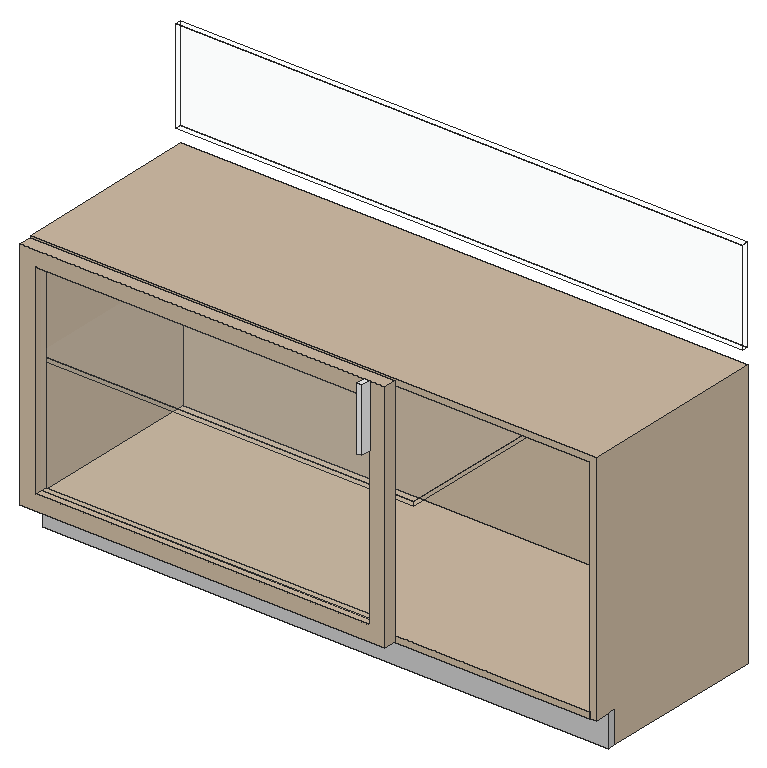
Revit family "Kitchen_Cabinet", category Casework, Revit 2021 (continued)
Definition of nested family "45 Degree Shelve"
  Cuts and joins
    Extrusion 2 cuts Extrusion 1
  Dimensions and locks
    "45 Degree Shelve Depth": Extrusion 1 sketch curve to Extrusion 1 sketch curve  (x2)
    equal spacing: Extrusion 1 sketch curve, plane 3 "Center (Left/Right)", Extrusion 1 sketch curve
    "45 Degree Shelve Width": Extrusion 1 sketch curve to Extrusion 1 sketch curve
    "45 Degree Shelve Front Offset": plane 1 "Center (Front/Back)" to Extrusion 2 sketch curve
    locked: Extrusion 2 sketch curve to plane 1 "Center (Front/Back)" at 10
    "Divider Depth": Extrusion 3 sketch curve to Extrusion 3 sketch curve
    "Divider Thickness": Extrusion 3 sketch curve to Extrusion 3 sketch curve
    "Divider Bottom Offset": plane 4 to level
    "Divider Height": Extrusion 3 to Extrusion 3
    "Shelve Width": Extrusion 4 sketch curve to Extrusion 4 sketch curve
    "Shelve Depth": Extrusion 4 sketch curve to Extrusion 4 sketch curve
    "Shelve Thickness": Extrusion 4 to Extrusion 4
    locked: Extrusion 1 sketch curve to Extrusion 1 sketch curve (angle 90.00°)  (x2)
    aligned and locked: Extrusion 1 sketch curve to plane 1 "Center (Front/Back)"
    aligned and locked: cut or joined group of Extrusion 1, Extrusion 2 to level  (x2)
    aligned and locked: cut or joined group of Extrusion 1, Extrusion 2 to cut or joined group of Extrusion 1, Extrusion 2
    aligned and locked: Extrusion 2 sketch curve to cut or joined group of Extrusion 1, Extrusion 2  (x2)
    aligned and locked: Extrusion 3 sketch curve to plane 3 "Center (Left/Right)"
    aligned and locked: Extrusion 3 sketch curve to plane 1 "Center (Front/Back)"
    aligned and locked: level to plane 2
    aligned and locked: Extrusion 4 sketch curve to plane 1 "Center (Front/Back)"
    aligned and locked: Extrusion 4 to level
    aligned and locked: Extrusion 4 sketch curve to plane 3 "Center (Left/Right)"
  Automatic sketch dimensions
    Extrusion 1 sketch curve to plane 3 "Center (Left/Right)" = 0 mm
Types (41, lengths in mm): name | XXXDouble Swing Panel Glass Vis | Wall unit height calc | Void Side Offset For Corner Unit Back | Void Side Offset For Corner Unit | Symbol Lines Panel Height Calc | Width Half | Width | KickPlate Right Side Offset Calc | KickPlate Left Side Offset Calc | Draw Handle VisCalc | Depth Top Calc | Corner Unit Top 45 Degree Visibility | Corner Unit Shelve VisCalc | Corner Unit 45 Degree Side Depth For KickPlateCalc | Corner Unit 45 Degree Shelve Depth Calc | Corner Unit 45 Degree Depth Calc | Bottom Base VisCalc | BackSplash VisCalc | Top VisCalc | Symbol Lines 2D Plan Sliding Door | Symbol Lines 2D Elevation HS RIGHT | Symbol Lines 2D Elevation HS LEFT | Symbol Lines 2D Plan RIGHT | Symbol Lines 2D Plan LEFT | Shell VisCalc | Height | Fix Panel Top & Bottom Offset Calc | Fix Panel Geomtry Width Calc | Door Handle Visibility | Depth | Corner Unit Void Height Calc | Corner Unit Top VisCalc | Corner Unit Top Profile VisCalc | Corner Unit Panel VisCalc | Corner Unit Panel Height Calc | Sink 2 Visibility | Extractor Hood Visibility | Corner Unit Door Top Offset Calc | Corner Unit Door Handle VisCalc | Corner Unit BackSplash(45 Degrees) VisCalc | Wall Corner Unit VisCalc | XXXVoid Leg Vis Calc | Corner Unit Width Calc | Corner Unit Width | Corner Unit Door Width Calc | Corner Unit Depth Calc | Corner Unit 45 Degree Visibility | Corner Unit  Visibility | Bottom Base Height | Back Splash Visibility | Corner Unit Back Splash VisCalc | Symbol Lines From Hinge Side | Symbol Lines Drawers VisCalc | Cooker Middle Burner VisCalc | Cooker Burner Front & Back Offset Calc | Cooker Burner Front & Back Offset | Cooker Burner Sides Offset | Cooker Burner Side Offset Calc | Cooker Width | Cooker Width Half Calc | Cooker Depth Calc | Oven VisCalc | Oven Position Plan | Oven Visibility | Drainer VisCalc | Drainer Visibility | Cooker VisCalc | Cooker Calc | Cooker Visibility | Wall Unit Height | Width Calc | Void On/Off Calc | Void Height Calc | Sliding Door Profile Distance Calc | Sliding Door Offset Calc | Sliding Door Calc | Sliding Door | Sink Calc | Sink VisCalc | Sink Visibility | Side S PW O | Side S PW I | Side D PW O | Side D PW I | Shelve VisCalc | Pannel Side Calc | XXXPanel Height Calc | Panel Glass End Calc | Panel Glass VisCalc | Panel Frame Thickness Bottom Calc | Panel Frame Visibility | Panel Between | Middle Vis | Just Drawers VisCalc | Just Drawers | Hinge Position Right Calc | Hinge Position Left Calc | Hinge Position IO Calc | Top Profile VisCalc | Drawers Calc | Draw Width Calc | Draw Side Distance Calc | XXXDraw Depth Position Calc | Draw Count | Double Swing VisCalc | Double Swing | Doors VisCalc | Doors Visibility | XXXDoor Top Offset Calc | Door Handle Right VisCalc | Door Handle Height | Door Handle Offset From Top | Door Handle Left VisCalc | Door Handle VisCalc | XXXDoor Bottom Offset Calc | Divider A Left Calc | XXXDepth Shelves & Divider Depth Calc | Bottom Base Height Calc | Adiitional Drawers VisCalc | XXXAdiitional Drawers Height Min Calc | Additonal Draw Handle VisCalc | Additional Drawers Count | XXXAdiitional Drawers Height Position Calc BOTTOM | Additional Drawers Height Calc | Shelves Width Calc | Shelves Count | Depth Inner Side Calc | XXXLeft Divider Height Calc 2 | XXXLeft Divider Height Calc | A Left Divider Height | A Left Divider Distance | Sink Depth | Sink Depth Calc | Sink Radius Max Calc | Sink 2 Calc | Sink 2 VisCalc | Sink 2 Depth Calc | Sink 2 Depth | Sink Drainer Left Length Calc | Sink Drainaer VisCalc | CornerUnit Shelve Widh Calc | XXXDrawers Height Position Calc Top RETURN | XXXDrawers Height Min Calc RETURN | XXXDrawers Count Calc 2 | XXXDrawers Count Calc 1 | XXXDrawers Height Bottom Position Calc | XXXDrawers Height Calc | XXXHeight Calc | XXXDrawers Height Calc. | XXXHeight Calc PB & PNB | XXXKickplate VisCalc | XXXCorner Unit Kickplate VisCalc | XXX 45 Degree Corner Unit Shelve Width
  Corner Unit 7 | no | 0 | 1200 | 600 | 745 | 900 | 1800 | 0 | 0 | no | 630 | no | yes | 530 | 590 | 610 | yes | yes | no | no | no | no | no | no | yes | 900 | 0 | 642 | yes | 600 | 650 | yes | yes | yes | 750 | no | no | 0 | yes | no | no | 100 | 600 | 600 | 555 | 600 | no | yes | 100 | yes | yes | yes | no | no | 99 | 0 | 0 | 99 | 500 | 250 | 500 | 500 | 41 | no | no | no | no | 500 | no | 0 | 1760 | 0 | 645 | 0 | 0 | no | no | 500 | no | no | 1800 | 1750 | 897.5 | 872.5 | yes | 1160 | 745 | 695 | yes | 50 | yes | no | yes | no | no | 0 | 0 | 340 | no | no | 1800 | 0 | 340 | 0 | no | no | yes | yes | 5 | no | 200 | 0 | yes | yes | 0 | no | 575 | 100 | no | 745 | no | 0 | 0 | 745 | 1200 | 1 | 560 | 100 | 100 | 0 | 0 | 450 | 450 | 195 | 500 | no | 450 | 450 | 30 | 500 | 580 | 0 | 179 | 1 | 2 | 750 | 179 | 850 | 179 | 750 | yes | yes | 1840
  Corner Unit 6 | no | 0 | 1200 | 600 | 745 | 725 | 1450 | 0 | 0 | no | 630 | no | yes | 530 | 590 | 610 | yes | yes | no | no | no | no | no | no | yes | 900 | 0 | 642 | yes | 600 | 650 | yes | yes | yes | 750 | no | no | 0 | yes | no | no | 100 | 600 | 600 | 555 | 600 | no | yes | 100 | yes | yes | yes | no | no | 99 | 0 | 0 | 99 | 500 | 250 | 500 | 500 | 41 | no | no | no | no | 500 | no | 0 | 1410 | 0 | 645 | 0 | 0 | no | no | 500 | no | no | 1450 | 1400 | 722.5 | 697.5 | yes | 810 | 745 | 695 | yes | 50 | yes | no | yes | no | no | 0 | 0 | 340 | no | no | 1450 | 0 | 340 | 0 | no | no | yes | yes | 5 | no | 200 | 0 | yes | yes | 0 | no | 575 | 100 | no | 745 | no | 0 | 0 | 745 | 1200 | 1 | 560 | 100 | 100 | 0 | 0 | 450 | 450 | 195 | 500 | no | 450 | 450 | 30 | 500 | 580 | 0 | 179 | 1 | 2 | 750 | 179 | 850 | 179 | 750 | yes | yes | 1490
  Double Floor Unit 5 | yes | 0 | 1200 | 600 | 745 | 700 | 1400 | 0 | 0 | no | 630 | no | no | 530 | 590 | 610 | yes | yes | yes | no | yes | yes | yes | yes | yes | 900 | 0 | 704.5 | yes | 600 | 650 | no | no | no | 750 | no | no | 0 | no | no | no | 100 | 600 | 600 | 555 | 700 | no | no | 100 | yes | no | yes | no | no | 99 | 0 | 0 | 99 | 500 | 250 | 500 | 500 | 41 | no | no | no | no | 500 | no | 0 | 1360 | 0 | 645 | 0 | 0 | no | no | 500 | no | no | 1400 | 1350 | 697.5 | 672.5 | yes | 697.5 | 745 | 695 | yes | 50 | yes | no | yes | no | no | 0 | 0 | 340 | yes | no | 1400 | 0 | 340 | 0 | yes | yes | yes | yes | 5 | yes | 200 | 0 | yes | yes | 0 | yes | 575 | 100 | no | 745 | no | 0 | 0 | 745 | 1200 | 1 | 560 | 710 | 710 | 1000 | 600 | 450 | 450 | 195 | 500 | no | 450 | 450 | 30 | 500 | 580 | 0 | 179 | 1 | 2 | 750 | 179 | 850 | 179 | 750 | yes | no | 1440
  Sink 2 | no | 0 | 1200 | 600 | 700 | 700 | 1400 | 0 | 0 | no | 630 | no | no | 530 | 590 | 610 | yes | yes | yes | yes | no | no | no | no | yes | 900 | 20 | 2 | no | 600 | 600 | no | no | no | 700 | yes | no | 25 | no | no | no | 100 | 600 | 600 | 570 | 700 | no | no | 100 | yes | no | yes | no | no | 99 | 0 | 0 | 99 | 500 | 250 | 500 | 500 | 0 | no | yes | yes | no | 500 | no | 0 | 1360 | 40 | 600 | 5 | 41 | yes | yes | 0 | yes | yes | 1400 | 1350 | 697.5 | 680 | yes | 705 | 700 | 675 | no | 75 | no | yes | yes | no | no | 20 | 20 | 300 | yes | no | 1350 | 25 | 300 | 0 | yes | yes | yes | yes | 25 | no | 200 | 0 | no | no | 25 | no | 490 | 100 | no | 700 | no | 0 | 25 | 700 | 1200 | 1 | 560 | 100 | 100 | 0 | 0 | 450 | 450 | 195 | 0 | yes | 450 | 450 | 330 | 0 | 665 | 0 | 184 | 1 | 2 | 25 | 184 | 850 | 184 | 710 | yes | no | 1440
  Corner Unit 5 | no | 0 | 1200 | 600 | 745 | 900 | 1800 | 0 | 0 | no | 630 | no | yes | 530 | 590 | 610 | yes | yes | no | no | no | no | no | no | yes | 900 | 0 | 642 | yes | 600 | 650 | yes | yes | yes | 750 | no | no | 0 | yes | no | no | 100 | 600 | 600 | 555 | 600 | no | yes | 100 | yes | yes | yes | no | no | 99 | 0 | 0 | 99 | 500 | 250 | 500 | 500 | 41 | no | no | no | no | 500 | no | 0 | 1760 | 0 | 645 | 0 | 0 | no | no | 500 | no | no | 1800 | 1750 | 897.5 | 872.5 | yes | 1160 | 745 | 695 | yes | 50 | yes | no | yes | no | no | 0 | 0 | 340 | no | no | 1800 | 0 | 340 | 0 | no | no | yes | yes | 5 | no | 200 | 0 | yes | yes | 0 | no | 575 | 100 | no | 745 | no | 0 | 0 | 745 | 1200 | 1 | 560 | 100 | 100 | 0 | 0 | 450 | 450 | 195 | 500 | no | 450 | 450 | 30 | 500 | 580 | 0 | 179 | 1 | 2 | 750 | 179 | 850 | 179 | 750 | yes | yes | 1840
  Double Floor Unit 4 | yes | 0 | 1200 | 600 | 745 | 500 | 1000 | 0 | 0 | no | 630 | no | no | 530 | 590 | 610 | yes | yes | yes | no | yes | yes | yes | yes | yes | 900 | 0 | 504.5 | yes | 600 | 650 | no | no | no | 750 | no | no | 0 | no | no | no | 100 | 600 | 600 | 555 | 500 | no | no | 100 | yes | no | yes | no | no | 99 | 0 | 0 | 99 | 500 | 250 | 500 | 500 | 41 | no | no | no | no | 500 | no | 0 | 960 | 0 | 645 | 0 | 0 | no | no | 500 | no | no | 1000 | 950 | 497.5 | 472.5 | yes | 497.5 | 745 | 695 | yes | 50 | yes | no | yes | no | no | 0 | 0 | 340 | yes | no | 1000 | 0 | 340 | 0 | yes | yes | yes | yes | 5 | yes | 200 | 0 | yes | yes | 0 | yes | 575 | 100 | no | 745 | no | 0 | 0 | 745 | 960 | 1 | 560 | 710 | 710 | 1000 | 600 | 450 | 450 | 195 | 500 | no | 450 | 450 | 30 | 500 | 580 | 0 | 179 | 1 | 2 | 750 | 179 | 850 | 179 | 750 | yes | no | 1040
  Double Floor Unit 3 501 | yes | 0 | 1000 | 500 | 745 | 450 | 900 | 0 | 0 | no | 530 | no | no | 430 | 490 | 510 | yes | yes | yes | no | yes | yes | yes | yes | yes | 900 | 0 | 454.5 | yes | 500 | 650 | no | no | no | 750 | no | no | 0 | no | no | no | 100 | 600 | 600 | 555 | 450 | no | no | 100 | yes | no | yes | no | no | 99 | 0 | 0 | 99 | 500 | 250 | 400 | 500 | 41 | no | no | no | no | 500 | no | 0 | 860 | 0 | 645 | 0 | 0 | no | no | 500 | no | no | 900 | 850 | 447.5 | 422.5 | yes | 447.5 | 745 | 695 | yes | 50 | yes | no | yes | no | no | 0 | 0 | 290 | yes | no | 900 | 0 | 290 | 0 | yes | yes | yes | yes | 5 | yes | 200 | 0 | yes | yes | 0 | yes | 475 | 100 | no | 745 | no | 0 | 0 | 745 | 860 | 1 | 460 | 710 | 710 | 1000 | 600 | 450 | 450 | 195 | 500 | no | 450 | 450 | 30 | 500 | 580 | 0 | 179 | 1 | 2 | 750 | 179 | 850 | 179 | 750 | yes | no | 940
  Corner Unit 4 | no | 0 | 1200 | 600 | 745 | 675 | 1350 | 0 | 0 | no | 630 | no | yes | 530 | 590 | 610 | yes | yes | no | no | no | no | no | no | yes | 900 | 0 | 642 | yes | 600 | 650 | yes | yes | yes | 750 | no | no | 0 | yes | no | no | 100 | 900 | 900 | 855 | 600 | no | yes | 100 | yes | yes | yes | no | no | 99 | 0 | 0 | 99 | 500 | 250 | 500 | 500 | 41 | no | no | no | no | 500 | no | 0 | 1310 | 0 | 645 | 0 | 0 | no | no | 500 | no | no | 1350 | 1300 | 672.5 | 647.5 | yes | 710 | 745 | 695 | yes | 50 | yes | no | yes | no | no | 0 | 0 | 340 | no | no | 1350 | 0 | 340 | 0 | no | no | yes | yes | 5 | no | 200 | 0 | yes | yes | 0 | no | 575 | 100 | no | 745 | no | 0 | 0 | 745 | 1200 | 1 | 560 | 100 | 100 | 0 | 0 | 450 | 450 | 195 | 500 | no | 450 | 450 | 30 | 500 | 880 | 0 | 179 | 1 | 2 | 750 | 179 | 850 | 179 | 750 | yes | yes | 1390
  Fridge 4 | no | 0 | 1200 | 600 | 2245 | 500 | 1000 | 0 | 0 | no | 630 | no | no | 530 | 590 | 610 | yes | no | yes | no | no | yes | no | yes | yes | 2400 | 0 | 2 | yes | 600 | 2150 | no | no | no | 2250 | no | no | 0 | no | no | no | 100 | 600 | 600 | 555 | 500 | no | no | 100 | no | no | yes | no | no | 99 | 0 | 0 | 99 | 500 | 250 | 500 | 500 | 41 | no | no | no | no | 500 | no | 0 | 960 | 40 | 2145 | 0 | 0 | no | no | 500 | no | no | 1000 | 950 | 497.5 | 472.5 | yes | 1000 | 2245 | 2195 | no | 50 | no | no | yes | no | no | 0 | 0 | 340 | yes | no | 1000 | 0 | 340 | 0 | no | no | yes | yes | 5 | no | 600 | 0 | yes | yes | 0 | no | 575 | 100 | no | 2245 | no | 0 | 0 | 2245 | 960 | 1 | 560 | 100 | 100 | 0 | 0 | 450 | 450 | 195 | 500 | no | 450 | 450 | 30 | 500 | 580 | 0 | 179 | 1 | 2 | 2250 | 179 | 2350 | 179 | 2250 | yes | no | 1040
  Double Floor Unit 701 | no | 0 | 1200 | 600 | 745 | 300 | 600 | 0 | 0 | no | 630 | no | no | 530 | 590 | 610 | yes | yes | yes | no | no | yes | no | yes | yes | 900 | 0 | 2 | yes | 600 | 650 | no | no | no | 750 | no | no | 0 | no | no | no | 100 | 600 | 600 | 555 | 300 | no | no | 100 | yes | no | yes | no | no | 99 | 0 | 0 | 99 | 500 | 250 | 500 | 500 | 41 | no | no | no | no | 500 | no | 0 | 560 | 0 | 645 | 0 | 0 | no | no | 500 | no | no | 600 | 550 | 297.5 | 272.5 | yes | 600 | 745 | 695 | yes | 50 | yes | no | yes | no | no | 0 | 0 | 340 | yes | no | 600 | 0 | 340 | 0 | no | no | yes | yes | 5 | no | 200 | 0 | yes | yes | 0 | yes | 575 | 100 | no | 745 | no | 0 | 0 | 745 | 560 | 1 | 560 | 710 | 710 | 1000 | 600 | 450 | 450 | 195 | 500 | no | 450 | 450 | 30 | 500 | 580 | 0 | 179 | 1 | 2 | 750 | 179 | 850 | 179 | 750 | yes | no | 640
  Double Floor Unit 3 | no | 0 | 1800 | 900 | 745 | 350 | 700 | 0 | 0 | no | 930 | no | no | 830 | 890 | 910 | yes | yes | yes | no | no | no | no | no | yes | 900 | 0 | 2 | yes | 900 | 650 | no | no | no | 750 | no | no | 0 | no | no | no | 100 | 600 | 600 | 555 | 350 | no | no | 100 | yes | no | yes | yes | no | 99 | 0 | 0 | 99 | 500 | 250 | 500 | 500 | 41 | no | no | no | no | 500 | no | 0 | 660 | 0 | 645 | 0 | 0 | no | no | 500 | no | no | 700 | 650 | 347.5 | 322.5 | yes | 700 | 745 | 695 | no | 50 | yes | no | yes | no | no | 0 | 0 | 490 | yes | no | 700 | 0 | 490 | 0 | no | no | no | yes | 5 | no | 200 | 0 | no | no | 0 | yes | 800 | 100 | yes | 745 | yes | 1 | 0 | 745 | 660 | 1 | 860 | 710 | 710 | 1000 | 600 | 450 | 450 | 195 | 500 | no | 450 | 450 | 30 | 500 | 655 | 0 | 179 | 1 | 2 | 750 | 179 | 850 | 179 | 750 | yes | no | 740
  Fridge 3 | no | 0 | 1700 | 850 | 1867 | 600 | 1200 | 0 | 0 | yes | 880 | no | no | 780 | 840 | 860 | yes | no | yes | no | yes | yes | yes | yes | yes | 2400 | 0 | 604.5 | yes | 850 | 2150 | no | no | no | 2250 | no | no | 0 | no | no | no | 100 | 600 | 600 | 555 | 600 | no | no | 100 | no | no | yes | no | no | 99 | 0 | 0 | 99 | 500 | 250 | 500 | 500 | 41 | no | no | no | no | 500 | no | 0 | 1160 | 40 | 1767 | 0 | 0 | no | no | 500 | no | no | 1200 | 1150 | 597.5 | 572.5 | yes | 597.5 | 1867 | 1817 | no | 50 | no | no | yes | no | no | 0 | 0 | 465 | yes | yes | 1200 | 0 | 465 | 2 | yes | yes | yes | yes | 383 | yes | 600 | 0 | yes | yes | 0 | no | 800 | 100 | no | 1867 | no | 0 | 0 | 1867 | 1160 | 1 | 810 | 100 | 100 | 0 | 0 | 450 | 450 | 195 | 500 | no | 450 | 450 | 30 | 500 | 605 | 186.5 | 181.5 | 2 | 2 | 1872 | 181.5 | 2350 | 363 | 2250 | yes | no | 1240
  Double Floor Unit 950 | yes | 0 | 1200 | 600 | 745 | 475 | 950 | 0 | 0 | no | 630 | no | no | 530 | 590 | 610 | yes | yes | yes | no | yes | yes | yes | yes | yes | 900 | 0 | 479.5 | yes | 600 | 650 | no | no | no | 750 | no | no | 0 | no | no | no | 100 | 600 | 600 | 555 | 475 | no | no | 100 | yes | no | yes | no | no | 99 | 0 | 0 | 99 | 500 | 250 | 500 | 500 | 41 | no | no | no | no | 500 | no | 0 | 910 | 0 | 645 | 0 | 0 | no | no | 500 | no | no | 950 | 900 | 472.5 | 447.5 | yes | 472.5 | 745 | 695 | yes | 50 | yes | no | yes | no | no | 0 | 0 | 340 | yes | no | 950 | 0 | 340 | 0 | yes | yes | yes | yes | 5 | yes | 200 | 0 | yes | yes | 0 | yes | 575 | 100 | no | 745 | no | 0 | 0 | 745 | 910 | 1 | 560 | 710 | 710 | 1000 | 600 | 450 | 450 | 195 | 500 | no | 450 | 450 | 30 | 500 | 580 | 0 | 179 | 1 | 2 | 750 | 179 | 850 | 179 | 750 | yes | no | 990
  Double Floor Unit 700 | yes | 0 | 1200 | 600 | 745 | 350 | 700 | 0 | 0 | no | 630 | no | no | 530 | 590 | 610 | yes | yes | yes | no | yes | yes | yes | yes | yes | 900 | 0 | 354.5 | yes | 600 | 650 | no | no | no | 750 | no | no | 0 | no | no | no | 100 | 600 | 600 | 555 | 350 | no | no | 100 | yes | no | yes | no | no | 99 | 0 | 0 | 99 | 500 | 250 | 500 | 500 | 41 | no | no | no | no | 500 | no | 0 | 660 | 0 | 645 | 0 | 0 | no | no | 500 | no | no | 700 | 650 | 347.5 | 322.5 | yes | 347.5 | 745 | 695 | yes | 50 | yes | no | yes | no | no | 0 | 0 | 340 | yes | no | 700 | 0 | 340 | 0 | yes | yes | yes | yes | 5 | yes | 200 | 0 | yes | yes | 0 | yes | 575 | 100 | no | 745 | no | 0 | 0 | 745 | 660 | 1 | 560 | 710 | 710 | 1000 | 600 | 450 | 450 | 195 | 500 | no | 450 | 450 | 30 | 500 | 580 | 0 | 179 | 1 | 2 | 750 | 179 | 850 | 179 | 750 | yes | no | 740
  Double Floor Unit 70 | yes | 0 | 1200 | 600 | 745 | 35 | 70 | 0 | 0 | no | 630 | no | no | 530 | 590 | 610 | yes | yes | yes | no | yes | yes | yes | yes | yes | 900 | 0 | 39.5 | yes | 600 | 650 | no | no | no | 750 | no | no | 0 | no | no | no | 100 | 600 | 600 | 555 | 35 | no | no | 100 | yes | no | yes | no | no | 99 | 0 | 0 | 99 | 500 | 250 | 500 | 500 | 41 | no | no | no | no | 500 | no | 0 | 30 | 0 | 645 | 0 | 0 | no | no | 500 | no | no | 70 | 20 | 32.5 | 7.5 | yes | 32.5 | 745 | 695 | yes | 50 | yes | no | yes | no | no | 0 | 0 | 340 | yes | no | 70 | 0 | 340 | 0 | yes | yes | yes | yes | 5 | yes | 200 | 0 | yes | yes | 0 | yes | 575 | 100 | no | 745 | no | 0 | 0 | 745 | 30 | 1 | 560 | 710 | 710 | 1000 | 600 | 450 | 450 | 195 | 500 | no | 450 | 450 | 30 | 500 | 580 | 0 | 179 | 1 | 2 | 750 | 179 | 850 | 179 | 750 | yes | no | 110
  Double Floor Unit 80 | yes | 0 | 1200 | 600 | 745 | 400 | 800 | 0 | 0 | no | 630 | no | no | 530 | 590 | 610 | yes | yes | yes | no | yes | yes | yes | yes | yes | 900 | 0 | 404.5 | yes | 600 | 650 | no | no | no | 750 | no | no | 0 | no | no | no | 100 | 600 | 600 | 555 | 400 | no | no | 100 | yes | no | yes | no | no | 99 | 0 | 0 | 99 | 500 | 250 | 500 | 500 | 41 | no | no | no | no | 500 | no | 0 | 760 | 0 | 645 | 0 | 0 | no | no | 500 | no | no | 800 | 750 | 397.5 | 372.5 | yes | 397.5 | 745 | 695 | yes | 50 | yes | no | yes | no | no | 0 | 0 | 340 | yes | no | 800 | 0 | 340 | 0 | yes | yes | yes | yes | 5 | yes | 200 | 0 | yes | yes | 0 | yes | 575 | 100 | no | 745 | no | 0 | 0 | 745 | 760 | 1 | 560 | 710 | 710 | 1000 | 600 | 450 | 450 | 195 | 500 | no | 450 | 450 | 30 | 500 | 580 | 0 | 179 | 1 | 2 | 750 | 179 | 850 | 179 | 750 | yes | no | 840
  Corner Unit 3 | no | 0 | 1200 | 600 | 745 | 750 | 1500 | 0 | 0 | no | 630 | no | yes | 530 | 590 | 610 | yes | yes | no | no | no | no | no | no | yes | 900 | 0 | 642 | yes | 600 | 650 | yes | yes | yes | 750 | no | no | 0 | yes | no | no | 100 | 600 | 600 | 555 | 600 | no | yes | 100 | yes | yes | yes | no | no | 99 | 0 | 0 | 99 | 500 | 250 | 500 | 500 | 41 | no | no | no | no | 500 | no | 0 | 1460 | 0 | 645 | 0 | 0 | no | no | 500 | no | no | 1500 | 1450 | 747.5 | 722.5 | yes | 860 | 745 | 695 | yes | 50 | yes | no | yes | no | no | 0 | 0 | 340 | no | no | 1500 | 0 | 340 | 0 | no | no | yes | yes | 5 | no | 200 | 0 | yes | yes | 0 | no | 575 | 100 | no | 745 | no | 0 | 0 | 745 | 1200 | 1 | 560 | 100 | 100 | 0 | 0 | 450 | 450 | 195 | 500 | no | 450 | 450 | 30 | 500 | 580 | 0 | 179 | 1 | 2 | 750 | 179 | 850 | 179 | 750 | yes | yes | 1540
  Double Floor Unit 3 402 | yes | 0 | 800 | 400 | 745 | 375 | 750 | 0 | 0 | no | 430 | no | no | 330 | 390 | 410 | yes | yes | yes | no | yes | yes | yes | yes | yes | 900 | 0 | 379.5 | yes | 400 | 650 | no | no | no | 750 | no | no | 0 | no | no | no | 100 | 600 | 600 | 555 | 375 | no | no | 100 | yes | no | yes | no | no | 99 | 0 | 0 | 99 | 500 | 250 | 300 | 500 | 41 | no | no | no | no | 500 | no | 0 | 710 | 0 | 645 | 0 | 0 | no | no | 500 | no | no | 750 | 700 | 372.5 | 347.5 | yes | 372.5 | 745 | 695 | yes | 50 | yes | no | yes | no | no | 0 | 0 | 240 | yes | no | 750 | 0 | 240 | 0 | yes | yes | yes | yes | 5 | yes | 200 | 0 | yes | yes | 0 | yes | 375 | 100 | no | 745 | no | 0 | 0 | 745 | 710 | 1 | 360 | 710 | 710 | 1000 | 600 | 450 | 450 | 195 | 500 | no | 450 | 450 | 30 | 500 | 580 | 0 | 179 | 1 | 2 | 750 | 179 | 850 | 179 | 750 | yes | no | 790
  Double Floor Unit 3 401 | yes | 0 | 800 | 400 | 745 | 425 | 850 | 0 | 0 | no | 430 | no | no | 330 | 390 | 410 | yes | yes | yes | no | yes | yes | yes | yes | yes | 900 | 0 | 429.5 | yes | 400 | 650 | no | no | no | 750 | no | no | 0 | no | no | no | 100 | 600 | 600 | 555 | 425 | no | no | 100 | yes | no | yes | no | no | 99 | 0 | 0 | 99 | 500 | 250 | 300 | 500 | 41 | no | no | no | no | 500 | no | 0 | 810 | 0 | 645 | 0 | 0 | no | no | 500 | no | no | 850 | 800 | 422.5 | 397.5 | yes | 422.5 | 745 | 695 | yes | 50 | yes | no | yes | no | no | 0 | 0 | 240 | yes | no | 850 | 0 | 240 | 0 | yes | yes | yes | yes | 5 | yes | 200 | 0 | yes | yes | 0 | yes | 375 | 100 | no | 745 | no | 0 | 0 | 745 | 810 | 1 | 360 | 710 | 710 | 1000 | 600 | 450 | 450 | 195 | 500 | no | 450 | 450 | 30 | 500 | 580 | 0 | 179 | 1 | 2 | 750 | 179 | 850 | 179 | 750 | yes | no | 890
  Sink d 400 | no | 0 | 800 | 400 | 700 | 700 | 1400 | 0 | 0 | no | 430 | no | no | 330 | 390 | 410 | yes | yes | yes | yes | no | no | no | no | yes | 900 | 20 | 2 | no | 400 | 600 | no | no | no | 700 | yes | no | 25 | no | no | no | 100 | 600 | 600 | 570 | 700 | no | no | 100 | yes | no | yes | no | no | 99 | 0 | 0 | 99 | 500 | 250 | 300 | 500 | 0 | no | yes | yes | no | 500 | no | 0 | 1360 | 40 | 600 | 5 | 41 | yes | yes | 0 | yes | yes | 1400 | 1350 | 697.5 | 680 | yes | 705 | 700 | 675 | no | 75 | no | yes | yes | no | no | 20 | 20 | 200 | yes | no | 1350 | 25 | 200 | 0 | yes | yes | yes | yes | 25 | no | 200 | 0 | no | no | 25 | no | 290 | 100 | no | 700 | no | 0 | 25 | 700 | 1200 | 1 | 360 | 100 | 100 | 0 | 0 | 350 | 350 | 170 | 0 | yes | 350 | 350 | 330 | 0 | 665 | 0 | 184 | 1 | 2 | 25 | 184 | 850 | 184 | 710 | yes | no | 1440
  Double Floor Unit 3 400 | yes | 0 | 800 | 400 | 745 | 500 | 1000 | 0 | 0 | no | 430 | no | no | 330 | 390 | 410 | yes | yes | yes | no | yes | yes | yes | yes | yes | 900 | 0 | 504.5 | yes | 400 | 650 | no | no | no | 750 | no | no | 0 | no | no | no | 100 | 600 | 600 | 555 | 500 | no | no | 100 | yes | no | yes | no | no | 99 | 0 | 0 | 99 | 500 | 250 | 300 | 500 | 41 | no | no | no | no | 500 | no | 0 | 960 | 0 | 645 | 0 | 0 | no | no | 500 | no | no | 1000 | 950 | 497.5 | 472.5 | yes | 497.5 | 745 | 695 | yes | 50 | yes | no | yes | no | no | 0 | 0 | 240 | yes | no | 1000 | 0 | 240 | 0 | yes | yes | yes | yes | 5 | yes | 200 | 0 | yes | yes | 0 | yes | 375 | 100 | no | 745 | no | 0 | 0 | 745 | 960 | 1 | 360 | 710 | 710 | 1000 | 600 | 450 | 450 | 195 | 500 | no | 450 | 450 | 30 | 500 | 580 | 0 | 179 | 1 | 2 | 750 | 179 | 850 | 179 | 750 | yes | no | 1040
  Corner Unit 2 | no | 0 | 1200 | 600 | 745 | 750 | 1500 | 0 | 0 | no | 630 | no | yes | 530 | 590 | 610 | yes | yes | no | no | no | no | no | no | yes | 900 | 0 | 642 | yes | 600 | 650 | yes | yes | yes | 750 | no | no | 0 | yes | no | no | 100 | 600 | 600 | 555 | 600 | no | yes | 100 | yes | yes | yes | no | no | 99 | 0 | 0 | 99 | 500 | 250 | 500 | 500 | 41 | no | no | no | no | 500 | no | 0 | 1460 | 0 | 645 | 0 | 0 | no | no | 500 | no | no | 1500 | 1450 | 747.5 | 722.5 | yes | 860 | 745 | 695 | yes | 50 | yes | no | yes | no | no | 0 | 0 | 340 | no | no | 1500 | 0 | 340 | 0 | no | no | yes | yes | 5 | no | 200 | 0 | yes | yes | 0 | no | 575 | 100 | no | 745 | no | 0 | 0 | 745 | 1200 | 1 | 560 | 100 | 100 | 0 | 0 | 450 | 450 | 195 | 500 | no | 450 | 450 | 30 | 500 | 580 | 0 | 179 | 1 | 2 | 750 | 179 | 850 | 179 | 750 | yes | yes | 1540
  Fridge 2 | no | 0 | 1300 | 650 | 1867 | 600 | 1200 | 0 | 0 | yes | 680 | no | no | 580 | 640 | 660 | yes | no | yes | no | yes | yes | yes | yes | yes | 2400 | 0 | 604.5 | yes | 650 | 2150 | no | no | no | 2250 | no | no | 0 | no | no | no | 100 | 600 | 600 | 555 | 600 | no | no | 100 | no | no | yes | no | no | 99 | 0 | 0 | 99 | 500 | 250 | 500 | 500 | 41 | no | no | no | no | 500 | no | 0 | 1160 | 40 | 1767 | 0 | 0 | no | no | 500 | no | no | 1200 | 1150 | 597.5 | 572.5 | yes | 597.5 | 1867 | 1817 | no | 50 | no | no | yes | no | no | 0 | 0 | 365 | yes | yes | 1200 | 0 | 365 | 2 | yes | yes | yes | yes | 383 | yes | 600 | 0 | yes | yes | 0 | no | 625 | 100 | no | 1867 | no | 0 | 0 | 1867 | 1160 | 1 | 610 | 100 | 100 | 0 | 0 | 450 | 450 | 195 | 500 | no | 450 | 450 | 30 | 500 | 580 | 186.5 | 181.5 | 2 | 2 | 1872 | 181.5 | 2350 | 363 | 2250 | yes | no | 1240
  Cooker 2 | no | 0 | 1200 | 600 | 556 | 600 | 1200 | 0 | 0 | yes | 630 | no | no | 530 | 590 | 610 | yes | yes | yes | no | no | no | no | no | yes | 900 | 0 | 2 | no | 600 | 650 | no | no | no | 750 | no | yes | 0 | no | no | no | 100 | 600 | 600 | 555 | 600 | no | no | 100 | yes | no | yes | no | yes | 119 | 20 | 20 | 119 | 700 | 350 | 500 | 41 | 41 | yes | no | no | yes | 0 | yes | 0 | 1160 | 40 | 456 | 0 | 0 | no | no | 500 | no | no | 1200 | 1150 | 597.5 | 572.5 | no | 1200 | 556 | 506 | no | 50 | no | no | yes | no | no | 0 | 0 | 340 | yes | yes | 1200 | 0 | 340 | 1 | no | no | no | no | 194 | no | 200 | 0 | no | no | 0 | no | 575 | 100 | no | 556 | no | 0 | 0 | 556 | 1160 | 0 | 560 | 100 | 100 | 0 | 0 | 450 | 450 | 195 | 500 | no | 450 | 450 | 30 | 500 | 580 | 0 | 179 | 1 | 2 | 561 | 179 | 850 | 179 | 750 | yes | no | 1240
  Sink d 500 | no | 0 | 1000 | 500 | 700 | 700 | 1400 | 0 | 0 | no | 530 | no | no | 430 | 490 | 510 | yes | yes | yes | yes | no | no | no | no | yes | 900 | 20 | 2 | no | 500 | 600 | no | no | no | 700 | yes | no | 25 | no | no | no | 100 | 600 | 600 | 570 | 700 | no | no | 100 | yes | no | yes | no | no | 99 | 0 | 0 | 99 | 500 | 250 | 400 | 500 | 0 | no | yes | yes | no | 500 | no | 0 | 1360 | 40 | 600 | 5 | 41 | yes | yes | 0 | yes | yes | 1400 | 1350 | 697.5 | 680 | yes | 705 | 700 | 675 | no | 75 | no | yes | yes | no | no | 20 | 20 | 250 | yes | no | 1350 | 25 | 250 | 0 | yes | yes | yes | yes | 25 | no | 200 | 0 | no | no | 25 | no | 390 | 100 | no | 700 | no | 0 | 25 | 700 | 1200 | 1 | 460 | 100 | 100 | 0 | 0 | 450 | 450 | 195 | 0 | yes | 450 | 450 | 330 | 0 | 665 | 0 | 184 | 1 | 2 | 25 | 184 | 850 | 184 | 710 | yes | no | 1440
  Double Floor Unit 3 500 | yes | 0 | 1000 | 500 | 745 | 550 | 1100 | 0 | 0 | no | 530 | no | no | 430 | 490 | 510 | yes | yes | yes | no | yes | yes | yes | yes | yes | 900 | 0 | 554.5 | yes | 500 | 650 | no | no | no | 750 | no | no | 0 | no | no | no | 100 | 600 | 600 | 555 | 550 | no | no | 100 | yes | no | yes | no | no | 99 | 0 | 0 | 99 | 500 | 250 | 400 | 500 | 41 | no | no | no | no | 500 | no | 0 | 1060 | 0 | 645 | 0 | 0 | no | no | 500 | no | no | 1100 | 1050 | 547.5 | 522.5 | yes | 547.5 | 745 | 695 | yes | 50 | yes | no | yes | no | no | 0 | 0 | 290 | yes | no | 1100 | 0 | 290 | 0 | yes | yes | yes | yes | 5 | yes | 200 | 0 | yes | yes | 0 | yes | 475 | 100 | no | 745 | no | 0 | 0 | 745 | 1060 | 1 | 460 | 710 | 710 | 1000 | 600 | 450 | 450 | 195 | 500 | no | 450 | 450 | 30 | 500 | 580 | 0 | 179 | 1 | 2 | 750 | 179 | 850 | 179 | 750 | yes | no | 1140
  Double Floor Unit 2 | yes | 0 | 1200 | 600 | 745 | 550 | 1100 | 0 | 0 | no | 630 | no | no | 530 | 590 | 610 | yes | yes | yes | no | yes | yes | yes | yes | yes | 900 | 0 | 554.5 | yes | 600 | 650 | no | no | no | 750 | no | no | 0 | no | no | no | 100 | 600 | 600 | 555 | 550 | no | no | 100 | yes | no | yes | no | no | 99 | 0 | 0 | 99 | 500 | 250 | 500 | 500 | 41 | no | no | no | no | 500 | no | 0 | 1060 | 0 | 645 | 0 | 0 | no | no | 500 | no | no | 1100 | 1050 | 547.5 | 522.5 | yes | 547.5 | 745 | 695 | yes | 50 | yes | no | yes | no | no | 0 | 0 | 340 | yes | no | 1100 | 0 | 340 | 0 | yes | yes | yes | yes | 5 | yes | 200 | 0 | yes | yes | 0 | yes | 575 | 100 | no | 745 | no | 0 | 0 | 745 | 1060 | 1 | 560 | 710 | 710 | 1000 | 600 | 450 | 450 | 195 | 500 | no | 450 | 450 | 30 | 500 | 580 | 0 | 179 | 1 | 2 | 750 | 179 | 850 | 179 | 750 | yes | no | 1140
  Wall Corner Unit 45 Degrees | no | 1498 | 600 | 300 | 845 | 300 | 600 | 37.279 | 37.279 | no | 330 | yes | no | 230 | 290 | 310 | no | no | no | no | no | yes | no | yes | no | 900 | 0 | 2 | yes | 300 | 750 | no | no | no | 850 | no | no | 0 | no | no | no | 0 | 600 | 600 | 555 | 300 | yes | no | 0 | no | no | yes | no | no | 99 | 0 | 0 | 99 | 500 | 250 | 200 | 500 | 41 | no | no | no | no | 500 | no | 1500 | 560 | 0 | 745 | 0 | 0 | no | no | 500 | no | no | 600 | 550 | 297.5 | 272.5 | no | 600 | 845 | 795 | yes | 50 | yes | no | no | no | no | 0 | 0 | 190 | yes | no | 600 | 0 | 190 | 0 | no | no | yes | yes | 5 | no | 200 | 600 | yes | yes | 0 | no | 275 | 2 | no | 843 | no | 0 | 0 | 843 | 560 | 1 | 260 | 100 | 100 | 0 | 0 | 450 | 450 | 195 | 500 | no | 450 | 450 | 30 | 500 | 580 | 0 | 179 | 1 | 2 | 850 | 179 | 850 | 179 | 848 | no | no | 640
  Corner Unit 45 Degrees | no | 0 | 1200 | 600 | 745 | 300 | 600 | 37.279 | 37.279 | no | 630 | yes | no | 530 | 590 | 610 | no | no | no | no | no | yes | no | yes | no | 900 | 0 | 2 | yes | 600 | 650 | no | no | no | 750 | no | no | 0 | no | yes | no | 100 | 600 | 600 | 555 | 300 | yes | no | 100 | yes | no | yes | no | no | 99 | 0 | 0 | 99 | 500 | 250 | 500 | 500 | 41 | no | no | no | no | 500 | no | 0 | 560 | 0 | 645 | 0 | 0 | no | no | 500 | no | no | 600 | 550 | 297.5 | 272.5 | no | 600 | 745 | 695 | yes | 50 | yes | no | no | no | no | 0 | 0 | 340 | yes | no | 600 | 0 | 340 | 0 | no | no | yes | yes | 5 | no | 200 | 0 | yes | yes | 0 | no | 575 | 100 | no | 745 | no | 0 | 0 | 745 | 560 | 1 | 560 | 100 | 100 | 0 | 0 | 450 | 450 | 195 | 500 | no | 450 | 450 | 30 | 500 | 580 | 0 | 179 | 1 | 2 | 750 | 179 | 850 | 179 | 750 | yes | no | 640
  Sink | no | 0 | 1200 | 600 | 700 | 600 | 1200 | 0 | 0 | no | 630 | no | no | 530 | 590 | 610 | yes | yes | yes | yes | no | no | no | no | yes | 900 | 20 | 2 | no | 600 | 600 | no | no | no | 700 | yes | no | 25 | no | no | no | 100 | 600 | 600 | 570 | 600 | no | no | 100 | yes | no | yes | no | no | 99 | 0 | 0 | 99 | 500 | 250 | 500 | 500 | 0 | no | yes | yes | no | 500 | no | 0 | 1160 | 40 | 600 | 5 | 41 | yes | yes | 0 | yes | yes | 1200 | 1150 | 597.5 | 580 | yes | 605 | 700 | 675 | no | 75 | no | yes | yes | no | no | 20 | 20 | 300 | yes | no | 1150 | 25 | 300 | 0 | yes | yes | yes | yes | 25 | no | 200 | 0 | no | no | 25 | no | 490 | 100 | no | 700 | no | 0 | 25 | 700 | 1160 | 1 | 560 | 100 | 100 | 0 | 0 | 450 | 450 | 195 | 0 | yes | 450 | 450 | 330 | 0 | 665 | 0 | 184 | 1 | 2 | 25 | 184 | 850 | 184 | 710 | yes | no | 1240
  Double Wall Unit | yes | 1498 | 600 | 300 | 845 | 600 | 1200 | 0 | 0 | no | 330 | no | no | 230 | 290 | 310 | yes | no | yes | no | yes | yes | yes | yes | yes | 900 | 0 | 604.5 | yes | 300 | 750 | no | no | no | 850 | no | no | 0 | no | no | no | 0 | 600 | 600 | 555 | 600 | no | no | 0 | no | no | yes | no | no | 99 | 0 | 0 | 99 | 500 | 250 | 200 | 500 | 41 | no | no | no | no | 500 | no | 1500 | 1160 | 0 | 745 | 0 | 0 | no | no | 500 | no | no | 1200 | 1150 | 597.5 | 572.5 | yes | 597.5 | 845 | 795 | yes | 50 | yes | no | yes | no | no | 0 | 0 | 190 | yes | no | 1200 | 0 | 190 | 0 | yes | yes | yes | yes | 5 | yes | 200 | 600 | yes | yes | 0 | yes | 275 | 2 | no | 843 | no | 0 | 0 | 843 | 1160 | 1 | 260 | 808 | 808 | 1000 | 600 | 450 | 450 | 195 | 500 | no | 450 | 450 | 30 | 500 | 580 | 0 | 179 | 1 | 2 | 850 | 179 | 850 | 179 | 848 | no | no | 1240
  Double Floor Unit | yes | 0 | 1200 | 600 | 745 | 600 | 1200 | 0 | 0 | no | 630 | no | no | 530 | 590 | 610 | yes | yes | yes | no | yes | yes | yes | yes | yes | 900 | 0 | 604.5 | yes | 600 | 650 | no | no | no | 750 | no | no | 0 | no | no | no | 100 | 600 | 600 | 555 | 600 | no | no | 100 | yes | no | yes | no | no | 99 | 0 | 0 | 99 | 500 | 250 | 500 | 500 | 41 | no | no | no | no | 500 | no | 0 | 1160 | 0 | 645 | 0 | 0 | no | no | 500 | no | no | 1200 | 1150 | 597.5 | 572.5 | yes | 597.5 | 745 | 695 | yes | 50 | yes | no | yes | no | no | 0 | 0 | 340 | yes | no | 1200 | 0 | 340 | 0 | yes | yes | yes | yes | 5 | yes | 200 | 0 | yes | yes | 0 | yes | 575 | 100 | no | 745 | no | 0 | 0 | 745 | 1160 | 1 | 560 | 710 | 710 | 1000 | 600 | 450 | 450 | 195 | 500 | no | 450 | 450 | 30 | 500 | 580 | 0 | 179 | 1 | 2 | 750 | 179 | 850 | 179 | 750 | yes | no | 1240
  Double Floor Drawers Unit | no | 0 | 1200 | 600 | 50 | 600 | 1200 | 0 | 0 | yes | 630 | no | no | 530 | 590 | 610 | yes | yes | yes | no | no | no | no | no | yes | 900 | 0 | 2 | no | 600 | 650 | no | no | no | 750 | no | no | 0 | no | no | no | 100 | 600 | 600 | 555 | 600 | no | no | 100 | yes | no | yes | yes | no | 99 | 0 | 0 | 99 | 500 | 250 | 500 | 500 | 41 | no | no | no | no | 500 | no | 0 | 1160 | 40 | 5 | 0 | 0 | no | no | 500 | no | no | 1200 | 1150 | 597.5 | 572.5 | no | 1200 | 2 | 55 | no | 50 | no | no | no | yes | yes | 0 | 0 | 340 | yes | yes | 1200 | 0 | 340 | 4 | no | no | no | no | 761 | no | 200 | 0 | no | no | 0 | no | 575 | 100 | no | 2 | no | 0 | 0 | 2 | 1160 | 0 | 560 | 100 | 100 | 0 | 0 | 450 | 450 | 195 | 500 | no | 450 | 450 | 30 | 500 | 580 | 187.5 | 182.5 | 4 | 4 | 0 | 182.5 | 850 | 192.5 | 750 | yes | no | 1240
  Cooker | no | 0 | 1200 | 600 | 556 | 500 | 1000 | 0 | 0 | yes | 630 | no | no | 530 | 590 | 610 | yes | yes | yes | no | no | no | no | no | yes | 900 | 0 | 2 | no | 600 | 650 | no | no | no | 750 | no | yes | 0 | no | no | no | 100 | 600 | 600 | 555 | 500 | no | no | 100 | yes | no | yes | no | yes | 119 | 20 | 20 | 119 | 700 | 350 | 500 | 41 | 41 | yes | no | no | yes | 0 | yes | 0 | 960 | 40 | 456 | 0 | 0 | no | no | 500 | no | no | 1000 | 950 | 497.5 | 472.5 | no | 1000 | 556 | 506 | no | 50 | no | no | yes | no | no | 0 | 0 | 340 | yes | yes | 1000 | 0 | 340 | 1 | no | no | no | no | 194 | no | 200 | 0 | no | no | 0 | no | 575 | 100 | no | 556 | no | 0 | 0 | 556 | 960 | 0 | 560 | 100 | 100 | 0 | 0 | 450 | 450 | 195 | 500 | no | 450 | 450 | 30 | 500 | 580 | 0 | 179 | 1 | 2 | 561 | 179 | 850 | 179 | 750 | yes | no | 1040
  Fridge | no | 0 | 1200 | 600 | 2245 | 400 | 800 | 0 | 0 | no | 630 | no | no | 530 | 590 | 610 | yes | no | yes | no | no | yes | no | yes | yes | 2400 | 0 | 2 | yes | 600 | 2150 | no | no | no | 2250 | no | no | 0 | no | no | no | 100 | 600 | 600 | 555 | 400 | no | no | 100 | no | no | yes | no | no | 99 | 0 | 0 | 99 | 500 | 250 | 500 | 500 | 41 | no | no | no | no | 500 | no | 0 | 760 | 40 | 2145 | 0 | 0 | no | no | 500 | no | no | 800 | 750 | 397.5 | 372.5 | yes | 800 | 2245 | 2195 | no | 50 | no | no | yes | no | no | 0 | 0 | 340 | yes | no | 800 | 0 | 340 | 0 | no | no | yes | yes | 5 | no | 600 | 0 | yes | yes | 0 | no | 575 | 100 | no | 2245 | no | 0 | 0 | 2245 | 760 | 1 | 560 | 100 | 100 | 0 | 0 | 450 | 450 | 195 | 500 | no | 450 | 450 | 30 | 500 | 580 | 0 | 179 | 1 | 2 | 2250 | 179 | 2350 | 179 | 2250 | yes | no | 840
  Wall Corner Unit | no | 1498 | 600 | 300 | 845 | 300 | 600 | 0 | 0 | no | 330 | no | yes | 230 | 290 | 310 | yes | no | no | no | no | no | no | no | yes | 900 | 0 | 342 | yes | 300 | 750 | yes | yes | yes | 850 | no | no | 0 | yes | no | yes | 0 | 300 | 300 | 255 | 300 | no | yes | 0 | no | no | yes | no | no | 99 | 0 | 0 | 99 | 500 | 250 | 200 | 500 | 41 | no | no | no | no | 500 | no | 1500 | 560 | 0 | 745 | 0 | 0 | no | no | 500 | no | no | 600 | 550 | 297.5 | 272.5 | yes | 260 | 845 | 795 | yes | 50 | yes | no | yes | no | no | 0 | 0 | 190 | no | no | 600 | 0 | 190 | 0 | no | no | yes | yes | 5 | no | 200 | 600 | yes | yes | 0 | no | 275 | 2 | no | 843 | no | 0 | 0 | 843 | 560 | 1 | 260 | 100 | 100 | 0 | 0 | 450 | 450 | 195 | 500 | no | 450 | 450 | 30 | 500 | 280 | 0 | 179 | 1 | 2 | 850 | 179 | 850 | 179 | 848 | no | no | 640
  Single Wall Unit | no | 1498 | 600 | 300 | 845 | 300 | 600 | 0 | 0 | no | 330 | no | no | 230 | 290 | 310 | yes | no | yes | no | no | yes | no | yes | yes | 900 | 0 | 2 | yes | 300 | 750 | no | no | no | 850 | no | no | 0 | no | no | no | 0 | 600 | 600 | 555 | 300 | no | no | 0 | no | no | yes | no | no | 99 | 0 | 0 | 99 | 500 | 250 | 200 | 500 | 41 | no | no | no | no | 500 | no | 1500 | 560 | 0 | 745 | 0 | 0 | no | no | 500 | no | no | 600 | 550 | 297.5 | 272.5 | yes | 600 | 845 | 795 | yes | 50 | yes | no | yes | no | no | 0 | 0 | 190 | yes | no | 600 | 0 | 190 | 0 | no | no | yes | yes | 5 | no | 200 | 600 | yes | yes | 0 | no | 275 | 2 | no | 843 | no | 0 | 0 | 843 | 560 | 1 | 260 | 100 | 100 | 0 | 0 | 450 | 450 | 195 | 500 | no | 450 | 450 | 30 | 500 | 580 | 0 | 179 | 1 | 2 | 850 | 179 | 850 | 179 | 848 | no | no | 640
  Single Wall Shell Unit | no | 1498 | 600 | 300 | 845 | 300 | 600 | 0 | 0 | no | 330 | no | no | 230 | 290 | 310 | yes | no | yes | no | no | no | no | no | yes | 900 | 0 | 2 | no | 300 | 750 | no | no | no | 850 | no | no | 0 | no | no | no | 0 | 600 | 600 | 555 | 300 | no | no | 0 | no | no | no | no | no | 99 | 0 | 0 | 99 | 500 | 250 | 200 | 500 | 41 | no | no | no | no | 500 | no | 1500 | 560 | 40 | 745 | 0 | 0 | no | no | 500 | no | no | 600 | 550 | 297.5 | 272.5 | yes | 600 | 845 | 795 | no | 50 | no | no | yes | no | no | 0 | 0 | 190 | yes | no | 600 | 0 | 190 | 0 | no | no | no | no | 5 | no | 200 | 600 | no | no | 0 | no | 275 | 2 | no | 843 | no | 0 | 0 | 843 | 560 | 1 | 260 | 100 | 100 | 0 | 0 | 450 | 450 | 195 | 500 | no | 450 | 450 | 30 | 500 | 580 | 0 | 179 | 1 | 2 | 850 | 179 | 850 | 179 | 848 | no | no | 640
  Single Floor Unit | no | 0 | 1200 | 600 | 745 | 300 | 600 | 0 | 0 | no | 630 | no | no | 530 | 590 | 610 | yes | yes | yes | no | no | yes | no | yes | yes | 900 | 0 | 2 | yes | 600 | 650 | no | no | no | 750 | no | no | 0 | no | no | no | 100 | 600 | 600 | 555 | 300 | no | no | 100 | yes | no | yes | no | no | 99 | 0 | 0 | 99 | 500 | 250 | 500 | 500 | 41 | no | no | no | no | 500 | no | 0 | 560 | 0 | 645 | 0 | 0 | no | no | 500 | no | no | 600 | 550 | 297.5 | 272.5 | yes | 600 | 745 | 695 | yes | 50 | yes | no | yes | no | no | 0 | 0 | 340 | yes | no | 600 | 0 | 340 | 0 | no | no | yes | yes | 5 | no | 200 | 0 | yes | yes | 0 | no | 575 | 100 | no | 745 | no | 0 | 0 | 745 | 560 | 1 | 560 | 100 | 100 | 0 | 0 | 450 | 450 | 195 | 500 | no | 450 | 450 | 30 | 500 | 580 | 0 | 179 | 1 | 2 | 750 | 179 | 850 | 179 | 750 | yes | no | 640
  Single Floor Drawers Unit | no | 0 | 1200 | 600 | 50 | 300 | 600 | 0 | 0 | yes | 630 | no | no | 530 | 590 | 610 | yes | yes | yes | no | no | no | no | no | yes | 900 | 0 | 2 | no | 600 | 650 | no | no | no | 750 | no | no | 0 | no | no | no | 100 | 600 | 600 | 555 | 300 | no | no | 100 | yes | no | yes | yes | no | 99 | 0 | 0 | 99 | 500 | 250 | 500 | 500 | 41 | no | no | no | no | 500 | no | 0 | 560 | 40 | 5 | 0 | 0 | no | no | 500 | no | no | 600 | 550 | 297.5 | 272.5 | no | 600 | 2 | 55 | no | 50 | no | no | no | yes | yes | 0 | 0 | 340 | yes | yes | 600 | 0 | 340 | 4 | no | no | no | no | 761 | no | 200 | 0 | no | no | 0 | no | 575 | 100 | no | 2 | no | 0 | 0 | 2 | 560 | 0 | 560 | 100 | 100 | 0 | 0 | 450 | 450 | 195 | 500 | no | 450 | 450 | 30 | 500 | 580 | 187.5 | 182.5 | 4 | 4 | 0 | 182.5 | 850 | 192.5 | 750 | yes | no | 640
  Corner Unit | no | 0 | 1200 | 600 | 745 | 600 | 1200 | 0 | 0 | no | 630 | no | yes | 530 | 590 | 610 | yes | yes | no | no | no | no | no | no | yes | 900 | 0 | 642 | yes | 600 | 650 | yes | yes | yes | 750 | no | no | 0 | yes | no | no | 100 | 600 | 600 | 555 | 600 | no | yes | 100 | yes | yes | yes | no | no | 99 | 0 | 0 | 99 | 500 | 250 | 500 | 500 | 41 | no | no | no | no | 500 | no | 0 | 1160 | 0 | 645 | 0 | 0 | no | no | 500 | no | no | 1200 | 1150 | 597.5 | 572.5 | yes | 560 | 745 | 695 | yes | 50 | yes | no | yes | no | no | 0 | 0 | 340 | no | no | 1200 | 0 | 340 | 0 | no | no | yes | yes | 5 | no | 200 | 0 | yes | yes | 0 | no | 575 | 100 | no | 745 | no | 0 | 0 | 745 | 1160 | 1 | 560 | 100 | 100 | 0 | 0 | 450 | 450 | 195 | 500 | no | 450 | 450 | 30 | 500 | 580 | 0 | 179 | 1 | 2 | 750 | 179 | 850 | 179 | 750 | yes | yes | 1240
